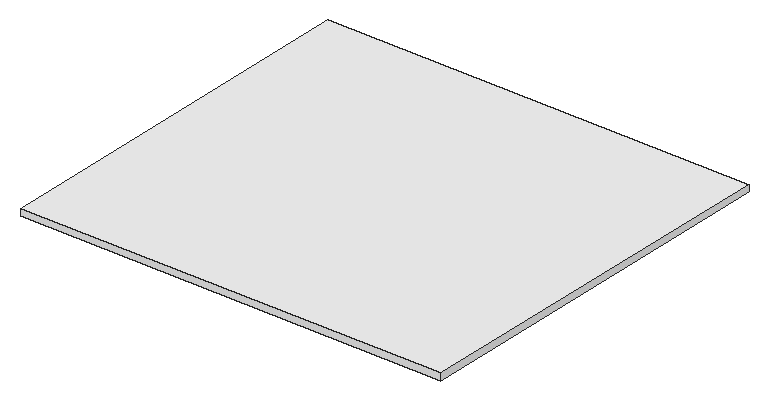
Revit family "ROTHOB_Rothoblaas_Membrane_BarrierNetSD40", category Structural Connections, host Face, Revit 2020
Family settings
  Host = Face
  Material for Model Behavior = Other
  OmniClass Number = 23.13.25.25
  OmniClass Title = Air Barriers
  Enable cutting in views = Yes
  Cut with Voids When Loaded = No
  Shared = No
Parameters (values of type "BARRIER NET SD40")
  WaterVapourTransmition_Sd = "40 m"  # constant formula
  WarrantyStartDate [instance] = ""
  WarrantyGuarantorParts = "n/a"  # constant formula
  WarrantyGuarantorLabor = "n/a"  # constant formula
  WarrantyDurationUnit = "n/a"  # constant formula
  WarrantyDurationParts = "n/a"  # constant formula
  WarrantyDurationLabor = "n/a"  # constant formula
  WarrantyDescription = "n/a"  # constant formula
  Version = "1"  # constant formula
  UniClass2015Version = "Products v1.33"  # constant formula
  UniClass2015Title = "Polyethylene sheets"  # constant formula
  UniClass2015Code = "Pr_25_57_65_63"  # constant formula
  Tipo IFC predefinito = "USERDEFINED"  # constant formula
  SustainabilityPerformance = "n/a"  # constant formula
  Size = "n/a"  # constant formula
  Shape = "Bidimensional"  # constant formula
  Revision = "n/a"  # constant formula
  ReplacementCost = "n/a"  # constant formula
  ReactionFire = "class F"  # constant formula
  ObjectMaterial = ROTHOB_Rothoblaas_Polyethylene
  NominalWidth = "n/a"  # constant formula
  NominalHeight = "n/a"  # constant formula
  MassUnitArea = "110 g/m2"  # constant formula
  Default Elevation = 1.2192 m
  ProductInformation = "https://www.rothoblaas.com/products/airtightness-and-waterproofing/membranes/barrier/barrier-net-sd40#barrier%20net%20sd40"  # constant formula
  OmniClassVersion = "2012-05-16"  # constant formula
  OmniClassTitle = "Air Barriers"  # constant formula
  OmniClassCode = "23.13.25.25"  # constant formula
  NominalLength = "n/a"  # constant formula
  InstallationDate [instance] = ""
  Height_H [instance] = 0.058639 m
  Name = "Membrane"  # constant formula
  ModelReference = "n/a"  # constant formula
  ModelNumber = "n/a"  # constant formula
  ModelDisclaimer = "The latest version of the data sheets can be found on our website"  # constant formula
  Material = "Polyethylene"  # constant formula
  ManufacturerURL = "www.rothoblaas.com"  # constant formula
  ManufacturerName = "ROTHO BLAAS SRL"  # constant formula
  Manufacturer = "info@rothoblaas.com"  # constant formula
  IfcExportType = "USERDEFINED"  # constant formula
  IfcExportAs = "IfcCoveringType.MEMBRANE"  # constant formula
  Length_L [instance] = 0.064046 m
  Grade = "n/a"  # constant formula
  Finish = "Polyethylene"  # constant formula
  Features = "Flexible sheets for waterproofing - Plastic and rubber vapour control layers"  # constant formula
  ExpectedLife = "n/a"  # constant formula
  Esporta tipo in formato IFC con nome = "IfcCoveringType.MEMBRANE"  # constant formula
  DurationUnit = "Years"  # constant formula
  Description = "Vapour barrier Sd 40 m"  # constant formula
  Constituents = "n/a"  # constant formula
  Color = "White"  # constant formula
  CodePerformance = "CE - Construction products"  # constant formula
  Category = "Pr_25_57_65_63 - Polyethylene sheets"  # constant formula
  CETitle = "n/a"  # constant formula
  CECode = "EN 13984"  # constant formula
  BIMObjectName = "ROTHOB_Rothoblaas_Membrane_BarrierNetSD40"  # constant formula
  Author = "Vitor Ferronato"  # constant formula
  AssetType = "n/a"  # constant formula
  AccessibilityPerformance = "n/a"  # constant formula
Reference planes (m)
  plane 1 "Centro (Fronte/Retro)": y = 0
  plane 2: z = 0
  plane 3 "Centro (Sinistra/Destra)": x = 0
  plane 4: y = 0.02932
  plane 5: y = -0.02932
  plane 6: x = -0.032023
  plane 7: x = 0.032023
Forms (m)
  Extrusion 1, solid, material "ROTHOB_Rothoblaas_Polyethylene" <- "ObjectMaterial"
    sketch origin (0, 0, 0) x (1, 0, 0) y (0, 1, 0)
      loop
        line (-0.032023, 0.02932) -> (-0.032023, -0.02932) -> (0.032023, -0.02932) -> (0.032023, 0.02932) -> (-0.032023, 0.02932)
    from 0 to 0.001
Dimensions and locks (m)
  equal spacing: host sketch curve, plane 3 "Centro (Sinistra/Destra)", host sketch curve
  host sketch curve to host sketch curve = 0.07 m
  equal spacing: host sketch curve, plane 1 "Centro (Fronte/Retro)", host sketch curve
  host sketch curve to host sketch curve = 0.063813 m
  equal spacing: plane 6, plane 3 "Centro (Sinistra/Destra)", plane 7
  "Length_L": plane 6 to plane 7
  equal spacing: plane 4, plane 1 "Centro (Fronte/Retro)", plane 5
  "Height_H": plane 4 to plane 5
  aligned and locked: plane 2 to host face
  aligned and locked: level to host face
  aligned and locked: Extrusion 1 sketch curve to plane 4
  aligned and locked: Extrusion 1 sketch curve to plane 5
  aligned and locked: plane 7 to Extrusion 1 sketch curve
  aligned and locked: plane 6 to Extrusion 1 sketch curve
